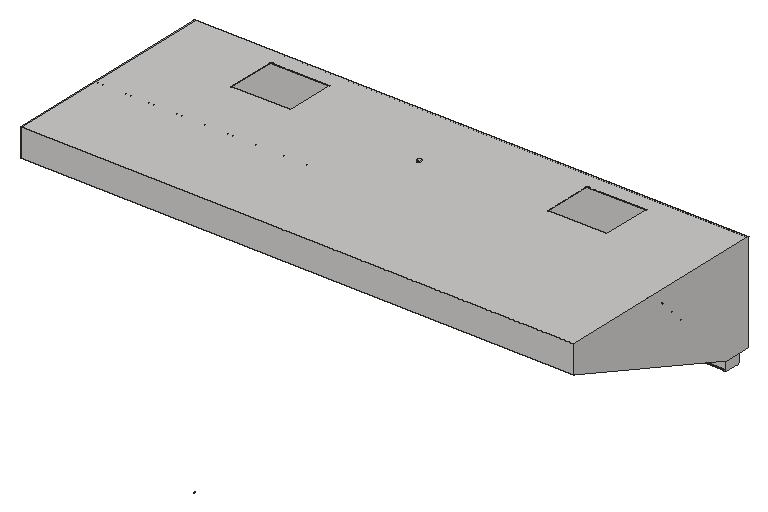
Revit family "QF_ELECTROLUXPROFESSIONAL_644216_AMPV1128DT", category Attrezzature speciali, Revit 2021
Family settings
  Quota connettore circolare = Usa diametro
  Tipo di parte = Normale
  Basato su piano di lavoro = No
  Sempre verticale = Sì
  Taglio con vuoti quando caricato = No
  Condiviso = No
  Punto di calcolo locali = No
Parameters (values of type "Standard")
  Weight = 98.00 kg
  Watts = 840 W
  Volts = 220 V
  URL Manufacturer = "https://www.electroluxprofessional.com/"
  URL = "https://www.electroluxprofessional.com/"
  Steam Supply Size = 0 mm
  Steam Supply Minimum Pressure = 0.0 Pa
  Steam Supply Maximum Pressure = 0.0 Pa
  Steam Consumption per Hour = 0
  Refrigeration Suction Line Size = 0 mm
  Refrigeration Liquid Line Size = 0 mm
  Refrigerant Compressor Remote = yes
  Prospetto di default = 0 mm
  Produttore = "Electrolux Professional"
  Phase = 1
  Modello = "AMPV1128DT"
  Length Actual = 2800 mm  # constant formula
  Item Number = "644216"
  Hot Water Size = 0 mm
  Height Actual = 500 mm  # constant formula
  HP = "1.1 HP"
  Gas Size = 0 mm
  Gas KW = 0
  Gas Input Pressure = 0 W
  Direct Waste Size = 0 mm
  Descrizione = "304 S/S WALL HOOD+FILTERS+FAN 2800X1100"
  Depth Actual = 1100 mm  # constant formula
  Cycle = 50 Hz
  Condensate Return Size = 0 mm
  Compressed Air Volume = 0.0 L/s
  Compressed Air Size = 0 mm
  Compressed Air Pressure = 0.0 Pa
  Cold Water Size = 0 mm
  Accessory = yes
Reference planes
  plane 1 "Center (Front/Back)": y = 0
  plane 2: z = 0
  plane 3 "Center (Left/Right)": x = 150
  plane 4 "LEFT": x = -1250
  plane 5 "RIGHT": x = 1550
  plane 6 "BACK": y = 550
  plane 7 "FRONT": y = -550
  plane 8 "Plane": z = 2000
  plane 9 "TOP": z = 2140
  plane 10 "Base": z = 1640
  plane 11: z = 1566
  plane 12 "DrainY": y = 485
  plane 13: x = -1247
  plane 14: through (0, 414.509, 1640.8) normal (0, 0.7314, 0.682)
  plane 15: y = 470
  plane 16: y = 220
  plane 17 "DrainX": x = 1430
  plane 18: x = -500
  plane 19: x = 800
  plane 20: x = -800
  plane 21: x = 1100
  plane 22: x = 1547
  plane 23: x = 1340
  plane 24: x = 1520
  plane 25: x = -1210
  plane 26: x = -845
  plane 27: x = -450
  plane 28: x = 1510
  plane 29: x = 1145
  plane 30: x = 750
Forms (mm)
  Extrusion 1, solid, material "QF_Finishes_Stainless Steel"
    sketch origin (-1250, 0, 0) x (0, 1, 0) y (0, 0, 1)
      loop
        line (550, 1640) -> (550, 2140) -> (-550, 2140) -> (-550, 1999.112) -> (413.973, 1640) -> (550, 1640)
    from 0 to 3
  Extrusion 2, solid, material "QF_Finishes_Stainless Steel"
    sketch origin (150, 0, 0) x (0, 1, 0) y (0, 0, 1)
      loop
        line (415.255, 1640) -> (550, 1640) -> (550, 2139.19) -> (549.2, 2139.19) -> (549.2, 1640.8) -> (415.876, 1640.8) -> (339.347, 1722.867) -> (349.609, 1732.436) -> (348.927, 1733.167) -> (337.934, 1722.917) -> (415.255, 1640)
      loop
        line (-82.203, 2139.19) -> (-82.203, 2118.6) -> (-31.047, 2118.6) -> (34.354, 2048.466) -> (46.028, 2059.352) -> (45.346, 2060.083) -> (34.403, 2049.879) -> (-30.612, 2119.6) -> (-81.203, 2119.6) -> (-81.203, 2139.19) -> (-82.203, 2139.19)
    from -1397 to 1397
  Extrusion 3, solid, material "QF_Finishes_Stainless Steel"
    sketch origin (1550, 0, 0) x (0, 1, 0) y (0, 0, 1)
      loop
        line (550, 1640) -> (550, 2140) -> (-550, 2140) -> (-550, 1999.112) -> (413.973, 1640) -> (550, 1640)
    from 0 to -3
  Extrusion 4, solid, material "QF_Finishes_Stainless Steel"
    sketch origin (150, 0, 0) x (0, 1, 0) y (0, 0, 1)
      loop
        line (-550, 2140) -> (-550, 2000) -> (-549.2, 2000) -> (-549.2, 2139.19) -> (550, 2139.19) -> (550, 2140) -> (-550, 2140)
    from -1400 to 1400
  Extrusion 5, solid, material "QF_Finishes_Stainless Steel"
    sketch origin (150, 0, 0) x (0, 1, 0) y (0, 0, 1)
      loop
        line (534, 1640) -> (436, 1640) -> (436, 1627) -> (443.5, 1627) -> (443.5, 1576)
        arc (443.5, 1576) -> (446.429, 1568.929) -> (453.5, 1566) r 10
        line (453.5, 1566) -> (516.5, 1566)
        arc (516.5, 1566) -> (523.571, 1568.929) -> (526.5, 1576) r 10
        line (526.5, 1576) -> (526.5, 1627) -> (534, 1627) -> (534, 1640)
    from 1190 to 1370
  Extrusion 6, solid, material "QF_Finishes_Stainless Steel"
    sketch origin (0, 0, 1640) x (0, 1, 0) y (-1, 0, 0)
      loop
        circle (485, -1430) r 20
    from -76 to -74
  Extrusion 7, solid, material "QF_Finished_Chrome"
    sketch origin (150, 0, 0) x (0, 1, 0) y (0, 0, 1)
      loop
        line (337.934, 1722.917) -> (341.591, 1726.327) -> (38.011, 2051.876) -> (34.354, 2048.466) -> (337.934, 1722.917)
    from -995 to -1360
  Extrusion 8, solid, material "QF_Finished_Chrome"
    sketch origin (150, 0, 0) x (0, 1, 0) y (0, 0, 1)
      loop
        line (337.934, 1722.917) -> (341.591, 1726.327) -> (38.011, 2051.876) -> (34.354, 2048.466) -> (337.934, 1722.917)
    from 600 to -600
  Extrusion 9, solid, material "QF_Finishes_Stainless Steel"
    sketch origin (150, 0, 0) x (0, 1, 0) y (0, 0, 1)
      loop
        line (337.934, 1722.917) -> (341.591, 1726.327) -> (38.011, 2051.876) -> (34.354, 2048.466) -> (337.934, 1722.917)
    from 1397 to 1360
  Extrusion 10, solid, material "QF_Finishes_Stainless Steel"
    sketch origin (150, 0, 0) x (0, 1, 0) y (0, 0, 1)
      loop
        line (341.588, 1726.324) -> (38.009, 2051.874) -> (34.354, 2048.466) -> (337.934, 1722.917) -> (341.588, 1726.324)
    from -995 to -600
  Extrusion 11, solid, material "QF_Finished_Chrome"
    sketch origin (150, 0, 0) x (0, 1, 0) y (0, 0, 1)
      loop
        line (341.588, 1726.324) -> (38.009, 2051.874) -> (34.354, 2048.466) -> (337.934, 1722.917) -> (341.588, 1726.324)
    from 995 to 1360
  Extrusion 12, void
    sketch origin (0, 0, 2140) x (0, 1, 0) y (-1, 0, 0)
      loop
        line (470, 800) -> (220, 800) -> (220, 500) -> (470, 500) -> (470, 800)
    from 0 to -10
  Extrusion 13, void
    sketch origin (940, 0, 2140) x (0, 1, 0) y (-1, 0, 0)
      loop
        line (470, 140) -> (220, 140) -> (220, -160) -> (470, -160) -> (470, 140)
    from 0 to -10
  Extrusion 14, solid, material "QF_Finishes_Stainless Steel"
    sketch origin (0, 0, 0) x (1, 0, 0) y (0, 1, 0)
      loop
        line (-1250, 550) -> (-1250, 549) -> (-1249, 549) -> (-1249, 550) -> (-1250, 550)
    from 0 to 1
  Extrusion 15, solid, material "QF_Finishes_Stainless Steel"
    sketch origin (150, 0, 0) x (0, 1, 0) y (0, 0, 1)
      loop
        line (337.934, 1722.917) -> (341.591, 1726.327) -> (38.011, 2051.876) -> (34.354, 2048.466) -> (337.934, 1722.917)
    from -1360 to -1397
  Extrusion 16, solid, material "QF_Finishes_Stainless Steel"
    sketch origin (150, 0, 0) x (0, 1, 0) y (0, 0, -1)
      loop
        line (341.588, -1726.324) -> (337.934, -1722.917) -> (34.354, -2048.466) -> (38.009, -2051.874) -> (341.588, -1726.324)
    from -995 to -600
  Extrusion 17, solid, material "QF_Finishes_Stainless Steel"
    sketch origin (0, 0, 2140) x (0, 1, 0) y (-1, 0, 0)
      loop
        circle (220, -150) r 10
    from 0 to 1.6
Cuts and joins
  Extrusion 12, Extrusion 13 cuts Extrusion 4
  joined: Extrusion 2, Extrusion 4
Lines and regions (mm)
  reference lines
    curve 1: line (150, 34.354, 2048.466) -> (150, 34.354, 1888.466)
  symbolic lines, style "SpecialityEquipment", detail levels coarse
    curve 2: line (1550, 550, 2140) -> (-1250, 550, 2140)
    curve 3: line (-1250, 550, 2140) -> (-1250, -550, 2140)
    curve 4: line (1550, -550, 2140) -> (1550, 550, 2140)
    curve 5: line (-1250, -550, 2140) -> (1550, -550, 2140)
    curve 6: line (-800, 220, 2140) -> (-500, 220, 2140)
    curve 7: line (-800, 470, 2140) -> (-800, 220, 2140)
    curve 8: line (-500, 470, 2140) -> (-800, 470, 2140)
    curve 9: line (-500, 220, 2140) -> (-500, 470, 2140)
    curve 10: line (800, 470, 2140) -> (800, 220, 2140)
    curve 11: line (800, 220, 2140) -> (1100, 220, 2140)
    curve 12: line (1100, 470, 2140) -> (800, 470, 2140)
    curve 13: line (1100, 220, 2140) -> (1100, 470, 2140)
    curve 14: line (-1250, -550, 0) -> (1550, 550, 0)
    curve 15: line (1550, -550, 0) -> (-1250, 550, 0)
Dimensions and locks
  plane 4 "LEFT" to plane 5 "RIGHT" = 2800 mm
  equal spacing: plane 4 "LEFT", plane 3 "Center (Left/Right)", plane 5 "RIGHT"
  locked: plane 8 "Plane" to level at 2000
  plane 9 "TOP" to plane 8 "Plane" = 140 mm
  locked: plane 9 "TOP" to plane 10 "Base" at 500
  plane 10 "Base" to plane 11 = 74 mm
  plane 6 "BACK" to plane 12 "DrainY" = 65 mm  (x2)
  plane 4 "LEFT" to plane 13 = 3 mm
  plane 6 "BACK" to plane 15 = 80 mm
  plane 15 to plane 16 = 250 mm  (x2)
  plane 17 "DrainX" to plane 5 "RIGHT" = 120 mm
  locked: plane 18 to plane 19 at 1300
  equal spacing: plane 18, plane 3 "Center (Left/Right)", plane 19
  plane 20 to plane 18 = 300 mm
  plane 19 to plane 21 = 300 mm
  plane 22 to plane 5 "RIGHT" = 3 mm
  locked: plane 23 to plane 17 "DrainX" at 90
  locked: plane 17 "DrainX" to plane 24 at 90
  plane 6 "BACK" to plane 7 "FRONT" = 1100 mm  (x2)
  equal spacing: plane 6 "BACK", plane 1 "Center (Front/Back)", plane 7 "FRONT"
  plane 16 to plane 7 "FRONT" = 770 mm
  plane 15 to plane 6 "BACK" = 80 mm
  locked: plane 4 "LEFT" to plane 25 at 40
  locked: plane 25 to plane 26 at 365
  locked: plane 26 to plane 27 at 395
  locked: plane 28 to plane 29 at 365
  locked: plane 29 to plane 30 at 395
  locked: plane 28 to plane 5 "RIGHT" at 40
  plane 27 to plane 30 = 1200 mm
  aligned and locked: level to plane 2
  aligned and locked: Extrusion 2 to Extrusion 1
  aligned and locked: Extrusion 2 to Extrusion 3
  aligned and locked: plane 5 "RIGHT" to Extrusion 4
  aligned and locked: Extrusion 4 to plane 4 "LEFT"
  aligned and locked: plane 22 to Extrusion 9
  aligned and locked: plane 20 to Extrusion 12
  aligned and locked: Extrusion 12 to plane 18
  aligned and locked: Extrusion 12 to plane 16
  aligned and locked: Extrusion 12 to plane 15
  aligned and locked: Extrusion 13 to plane 21
  aligned and locked: plane 19 to Extrusion 13
  aligned and locked: Extrusion 2 to Extrusion 4
  aligned and locked: plane 24 to Extrusion 5
  aligned and locked: Extrusion 5 to plane 23
  aligned and locked: Extrusion 9 to plane 28
  aligned and locked: Extrusion 11 to plane 28
  aligned and locked: Extrusion 11 to plane 29
  aligned and locked: Extrusion 8 to plane 30
  aligned and locked: Extrusion 8 to plane 27
  aligned and locked: plane 27 to Extrusion 10
  aligned and locked: Extrusion 10 to plane 26
  aligned and locked: plane 26 to Extrusion 7
  aligned and locked: Extrusion 7 to plane 25
  aligned and locked: Extrusion 15 to plane 13
  aligned and locked: plane 25 to Extrusion 15
  aligned and locked: Extrusion 16 to plane 30
  aligned and locked: Extrusion 16 to plane 29
  aligned and locked: Extrusion 3 to plane 22
Automatic sketch dimensions
  curve 5 to plane 4 "LEFT" = 0 mm
  curve 5 to plane 7 "FRONT" = 0 mm
  curve 9 to plane 16 = 0 mm
  curve 10 to plane 16 = 0 mm
  plane 15 to curve 8 = 0 mm
  plane 15 to curve 12 = 0 mm
  curve 3 to plane 6 "BACK" = 0 mm
  curve 5 to plane 5 "RIGHT" = 0 mm
  curve 11 to plane 21 = 0 mm
  curve 10 to plane 19 = 0 mm
  curve 6 to plane 18 = 0 mm
  curve 6 to plane 20 = 0 mm
  Extrusion 1 sketch curve to plane 7 "FRONT" = 0 mm
  Extrusion 1 sketch curve to plane 10 "Base" = 0 mm
  Extrusion 1 sketch curve to plane 6 "BACK" = 0 mm
  Extrusion 1 sketch curve to plane 9 "TOP" = 0 mm
  plane 15 to Extrusion 1 sketch curve = 56.027 mm
  Extrusion 1 sketch curve to plane 8 "Plane" = 0.888 mm
  Extrusion 2 sketch curve to plane 14 = 0 mm  (x3)
  Extrusion 2 sketch curve to plane 10 "Base" = 0 mm
  plane 14 to Extrusion 2 sketch curve = 0 mm
  Extrusion 2 sketch curve to plane 6 "BACK" = 0 mm
  Extrusion 2 sketch curve to Extrusion 2 sketch curve = 65.646 mm
  Extrusion 2 sketch curve to Extrusion 2 sketch curve = 0.682 mm  (x2)
  Extrusion 2 sketch curve to Extrusion 2 sketch curve = 10.261 mm
  plane 10 "Base" to Extrusion 2 sketch curve = 82.917 mm
  Extrusion 2 sketch curve to plane 1 "Center (Front/Back)" = 46.028 mm
  Extrusion 2 sketch curve to Extrusion 2 sketch curve = 10.942 mm
  Extrusion 2 sketch curve to Extrusion 2 sketch curve = 0.049 mm
  Extrusion 2 sketch curve to plane 9 "TOP" = 20.4 mm
  Extrusion 2 sketch curve to plane 9 "TOP" = 21.4 mm
  Extrusion 2 sketch curve to plane 9 "TOP" = 0.81 mm  (x2)
  Extrusion 2 sketch curve to Extrusion 2 sketch curve = 50.156 mm
  Extrusion 2 sketch curve to Extrusion 2 sketch curve = 1 mm
  plane 10 "Base" to Extrusion 2 sketch curve = 0.8 mm
  Extrusion 2 sketch curve to plane 6 "BACK" = 0.8 mm
  Extrusion 3 sketch curve to plane 7 "FRONT" = 0 mm
  Extrusion 3 sketch curve to plane 10 "Base" = 0 mm
  Extrusion 3 sketch curve to plane 6 "BACK" = 0 mm
  Extrusion 3 sketch curve to plane 9 "TOP" = 0 mm
  plane 15 to Extrusion 3 sketch curve = 56.027 mm
  Extrusion 3 sketch curve to plane 8 "Plane" = 0.888 mm
  Extrusion 4 sketch curve to plane 7 "FRONT" = 0 mm
  Extrusion 4 sketch curve to plane 8 "Plane" = 0 mm
  Extrusion 4 sketch curve to plane 6 "BACK" = 0 mm
  Extrusion 4 sketch curve to plane 9 "TOP" = 0 mm
  plane 7 "FRONT" to Extrusion 4 sketch curve = 0.8 mm
  Extrusion 4 sketch curve to plane 9 "TOP" = 0.81 mm
  curve 1 to plane 14 = 0 mm
  curve 1 to plane 1 "Center (Front/Back)" = 34.354 mm
  curve 1 to plane 8 "Plane" = 111.534 mm
  Extrusion 5 sketch curve to plane 10 "Base" = 0 mm
  Extrusion 5 sketch curve to plane 11 = 0 mm
  Extrusion 5 sketch curve to plane 10 "Base" = 13 mm  (x2)
  plane 15 to Extrusion 5 sketch curve = 34 mm
  Extrusion 5 sketch curve to Extrusion 5 sketch curve = 7.5 mm  (x2)
  Extrusion 5 sketch curve to Extrusion 5 sketch curve = 10 mm
  plane 12 "DrainY" to Extrusion 5 sketch curve = 31.5 mm
  Extrusion 5 sketch curve to plane 6 "BACK" = 23.5 mm
  Extrusion 6 sketch curve to plane 12 "DrainY" = 0 mm
  Extrusion 6 sketch curve to plane 17 "DrainX" = 0 mm
  Extrusion 7 sketch curve to plane 14 = 0 mm  (x2)
  Extrusion 7 sketch curve to plane 1 "Center (Front/Back)" = 34.354 mm
  Extrusion 7 sketch curve to Extrusion 7 sketch curve = 3.657 mm
  plane 10 "Base" to Extrusion 7 sketch curve = 82.917 mm
  Extrusion 8 sketch curve to plane 14 = 0 mm  (x2)
  Extrusion 8 sketch curve to plane 1 "Center (Front/Back)" = 34.354 mm
  Extrusion 8 sketch curve to Extrusion 8 sketch curve = 3.657 mm
  plane 10 "Base" to Extrusion 8 sketch curve = 82.917 mm
  Extrusion 9 sketch curve to plane 14 = 0 mm  (x2)
  Extrusion 9 sketch curve to plane 1 "Center (Front/Back)" = 34.354 mm
  Extrusion 9 sketch curve to Extrusion 9 sketch curve = 3.657 mm
  plane 10 "Base" to Extrusion 9 sketch curve = 82.917 mm
  Extrusion 10 sketch curve to plane 14 = 0 mm  (x2)
  Extrusion 10 sketch curve to plane 1 "Center (Front/Back)" = 34.354 mm
  Extrusion 10 sketch curve to Extrusion 10 sketch curve = 3.655 mm
  plane 10 "Base" to Extrusion 10 sketch curve = 82.917 mm
  Extrusion 11 sketch curve to plane 14 = 0 mm  (x2)
  Extrusion 11 sketch curve to plane 1 "Center (Front/Back)" = 34.354 mm
  Extrusion 11 sketch curve to Extrusion 11 sketch curve = 3.655 mm
  plane 10 "Base" to Extrusion 11 sketch curve = 82.917 mm
  Extrusion 12 sketch curve to plane 16 = 0 mm
  plane 15 to Extrusion 12 sketch curve = 0 mm
  Extrusion 12 sketch curve to plane 18 = 0 mm
  Extrusion 12 sketch curve to plane 20 = 0 mm
  Extrusion 13 sketch curve to plane 16 = 0 mm
  plane 15 to Extrusion 13 sketch curve = 0 mm
  Extrusion 13 sketch curve to plane 21 = 0 mm
  Extrusion 13 sketch curve to plane 19 = 0 mm
  Extrusion 14 sketch curve to plane 4 "LEFT" = 0 mm
  Extrusion 14 sketch curve to plane 6 "BACK" = 0 mm
  plane 4 "LEFT" to Extrusion 14 sketch curve = 1 mm
  Extrusion 14 sketch curve to plane 6 "BACK" = 1 mm
  Extrusion 15 sketch curve to plane 14 = 0 mm  (x2)
  Extrusion 15 sketch curve to plane 1 "Center (Front/Back)" = 34.354 mm
  Extrusion 15 sketch curve to Extrusion 15 sketch curve = 3.657 mm
  plane 10 "Base" to Extrusion 15 sketch curve = 82.917 mm
  Extrusion 16 sketch curve to plane 14 = 0 mm  (x2)
  Extrusion 16 sketch curve to plane 1 "Center (Front/Back)" = 34.354 mm
  Extrusion 16 sketch curve to Extrusion 16 sketch curve = 3.655 mm
  plane 10 "Base" to Extrusion 16 sketch curve = 82.917 mm
  curve 15 to plane 4 "LEFT" = 0 mm
  curve 14 to plane 4 "LEFT" = 0 mm
  curve 15 to plane 5 "RIGHT" = 0 mm
  curve 14 to plane 5 "RIGHT" = 0 mm
  curve 15 to plane 7 "FRONT" = 0 mm
  curve 14 to plane 7 "FRONT" = 0 mm
  curve 15 to plane 6 "BACK" = 0 mm
  curve 14 to plane 6 "BACK" = 0 mm
  Extrusion 17 sketch curve to plane 3 "Center (Left/Right)" = 0 mm
  Extrusion 17 sketch curve to plane 16 = 0 mm
  radius of Extrusion 6 sketch curve = 20 mm
  radius of Extrusion 17 sketch curve = 10 mm
Connectors
  piping at (1430, 485, 1564), diameter 20
    settings: on Extrusion 6, index 1, connector inside diameter 609.6 mm, connector length 0 mm, flow factor 0, pipe flow 0.0 L/s, pressure drop 0.0 Pa, fitting loss kfactor 0, connector angle 0.00°, fixture units 0, engagement length 0 mm, angle of deflection 0.00°, flow configuration 1, flow direction 2, fitting loss method 0, system type 16, joint type 0, gender type 0, connector reference index -1, connector utility 0, adjustable connector no, is connector primary yes, connector description "Drain"
  hvac at (-650, 345, 2140)
    settings: on Extrusion 12, index 2, duct flow 0.0 L/s, flow factor 0, pres drop 0.0 Pa, loss coef 0, conn angle 0.00°, conn width 250 mm, conn height 300 mm, conn diameter 609.6 mm, duct sys type 3, conn prof type 1, flow config 1, flow direction 2, loss method 0, conn ref index -1, conn util no, is conn primary yes, conn desc "EXHAUST OUTLET"
  hvac at (950, 345, 2140)
    settings: on Extrusion 13, index 3, duct flow 0.0 L/s, flow factor 0, pres drop 0.0 Pa, loss coef 0, conn angle 0.00°, conn width 250 mm, conn height 300 mm, conn diameter 609.6 mm, duct sys type 3, conn prof type 1, flow config 1, flow direction 2, loss method 0, conn ref index -1, conn util no, is conn primary no, conn desc "EXHAUST OUTLET"
  electrical at (150, 220, 2141.6), driven by "Volts"
    settings: on Extrusion 17, index 4, voltage 220 V, apparent load 0 VA, apparent load phase1 0 VA, apparent load phase2 0 VA, apparent load phase3 0 VA, power factor 1, load classification "Other", number of poles 1, system type 30, power factor state 1, is connector primary yes, connector utility no, sub classification motor no, connector description "Electrical Connection"
